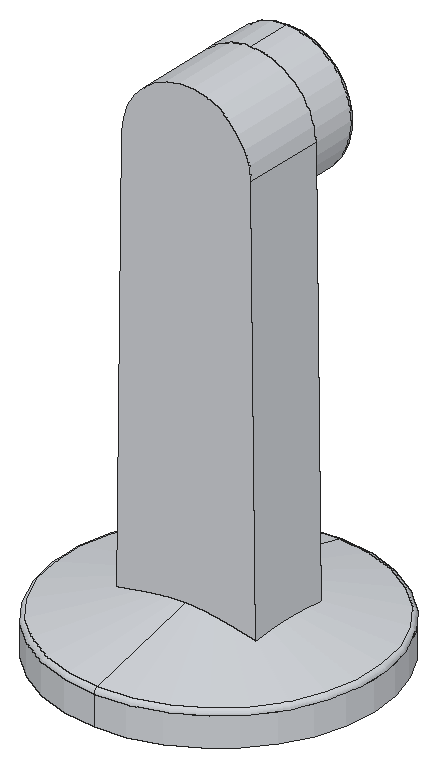
Revit family "Accessory-Robe_Hook-KOHLER-Components-K-78378", category Specialty Equipment, host Face, Revit 2015
Parameters (values of type "CP-Polished Chrome")
  Width = 2 3/8"  # constant formula
  URL = "https://www.us.kohler.com/us/"
  Type = 1
  Product Page URL = "http://www.us.kohler.com/us/catalog/productDetails.jsp?productNumber=78378"
  Product Name = "Components"  # constant formula
  Product Documentation Link = "http://www.us.kohler.com/onlinecatalog/pdf/K-78378_spec.pdf"
  Model = if(Type = 1, "K-78378-CP", if(Type = 2, "K-78378-BN", if(Type = 3, "K-78378-BL", if(Type = 4, "K-78378-TT", "NA"))))  # "K-78378-CP"
  Material = "Premium Metal Construction"  # constant formula
  MasterFormat 2004 = "10.28.13"  # constant formula
  MasterFormat 1995 = "10820"  # constant formula
  Manufacturer Address = "444 Highland Dr, Kohler, WI 53044"  # constant formula
  Manufacturer = "KOHLER Co."  # constant formula
  Length = 4"  # constant formula
  Height = 1"  # constant formula
  Finish = Kohler-Metal-CP-Polished_Chrome
  Environmental Product Declaration = ""
  Description = "Robe Hook"  # constant formula
  Default Elevation = 42"
  Declare Label = ""
  Date Modified = "07/10/2018"  # constant formula
  Date Created = "07/10/2018"  # constant formula
  Copyright = "Copyright KOHLER Co."  # constant formula
  Contact Us = "https://www.us.kohler.com/us/static/contact.jsp"
  Assembly Code = "C1030200"
  ADA Compliant = 1 = 0  # no
Types (4): name | Type | Model | Finish
  (no name) | 1 | "K-78378-CP" | Kohler-Metal-CP-Polished_Chrome
  CP-Polished Chrome | 1 | "K-78378-CP" | Kohler-Metal-CP-Polished_Chrome
  BL-Matte Black | 3 | "K-78378-BL" | Kohler-Metal-BL-Matte_Black
  TT-Titanium | 4 | "K-78378-TT" | Kohler-Metal-TT-Vibrant_Titanium
Reference planes (in)
  plane 1 "Center (Front/Back)": y = 0
  plane 2: z = 0
  plane 3 "Center (Left/Right)": x = 0
  plane 4: z = 4
  plane 5: x = 1.1875
  plane 6: x = -1.1875
  plane 7: y = 1
Dimensions and locks (in)
  "Length": plane 4 to level
  "Width": plane 5 to plane 6
  equal spacing: plane 6, plane 3 "Center (Left/Right)", plane 5
  "Height": plane 7 to plane 1 "Center (Front/Back)"
  aligned and locked: plane 2 to host face
  aligned and locked: level to host face
Automatic sketch dimensions
  host sketch curve to host sketch curve = 96"  (x2)
Nested families (in)
  nested 1: "K-78378" at (0, 4, 0) x (0, 1, 0) z (0, 0, 1), type "K-78378"
Definition of nested family "K-78378"
  Parameters (values of type "K-78378")
    Material = none
    Length = 8"
  Reference planes (in)
    plane 1 "Center (Front/Back)": y = 0
    plane 2: z = 0
    plane 3 "Center (Left/Right)": x = 0
    plane 4: x = -4
    plane 5: y = 1.1875
    plane 6: z = 4
    plane 7: y = -1.1875
    plane 8: x = -3
  Forms (in)
    Revolve 1, solid, material <- "Material", detail levels medium+fine
      sketch origin (0, 0, 0) x (1, 0, 0) y (0, 0, 1)
        loop
          line (-5.1875, 0) -> (-4, 0) -> (-4, 0.54137) -> (-5.15723, 0.26168)
          arc (-5.15723, 0.26168) -> (-5.17902, 0.24769) -> (-5.1875, 0.22322) r 0.03957
          line (-5.1875, 0.22322) -> (-5.1875, 0)
        axis (-4, 0.54137) -> (-4, 0)
      angle from 0 to 360
    Extrusion 2, solid, material <- "Material"
      sketch origin (0, 0, 0) x (0, 1, 0) y (0, 0, -1)
        loop
          line (0.49314, -3.51563) -> (0.53038, -0.31966) -> (-0.53038, -0.31966) -> (-0.49314, -3.51563)
          arc (-0.49314, -3.51563) -> (0, -4.00024) -> (0.49314, -3.51563) r 0.49321
      from 3.69094 to 4.30906
    Extrusion 3, solid, material <- "Material", detail levels coarse
      sketch origin (0, 0, 0) x (1, 0, 0) y (0, 1, 0)
        loop
          circle (-4, 0) r 1.1875
      from 0 to 0.44658
    Revolve 4, solid, material <- "Material"
      sketch origin (0, 0, 0) x (1, 0, 0) y (0, 0, 1)
        loop
          arc (-3.29802, 3.50679) -> (-3.30571, 3.74348) -> (-3.32875, 3.97917) r 3.64579
          arc (-3.32875, 3.97917) -> (-3.33678, 3.99422) -> (-3.35275, 4.00024) r 0.0242
          line (-3.35275, 4.00024) -> (-3.69094, 4.00024) -> (-3.69094, 3.50679) -> (-3.29802, 3.50679)
        axis (-3.29802, 3.50679) -> (-3.69094, 3.50679)
      angle from 0 to 360
  Lines and regions (in)
    Masking region 1
      outline origin (0, 0, 0) x (0, 1, 0) y (0, 0, 1)
        loop
          line (0.52873, 0.41382) -> (0.49313, 3.5163)
          arc (0.49313, 3.5163) -> (0, 4.00089) -> (-0.49313, 3.5163) r 0.4932
          line (-0.49313, 3.5163) -> (-0.52873, 0.41382) -> (-1.15899, 0.26168)
          arc (-1.15899, 0.26168) -> (-1.17952, 0.24851) -> (-1.1875, 0.22546) r 0.03726
          line (-1.1875, 0.22546) -> (-1.1875, 0) -> (1.1875, 0) -> (1.1875, 0.22546)
          arc (1.1875, 0.22546) -> (1.17952, 0.24851) -> (1.15899, 0.26168) r 0.03726
          line (1.15899, 0.26168) -> (0.52873, 0.41382)
    Masking region 2
      outline origin (0, 0, 0) x (1, 0, 0) y (0, 0, 1)
        loop
          line (-5.1875, 0) -> (-2.8125, 0) -> (-2.8125, 0.22322)
          arc (-2.8125, 0.22322) -> (-2.82098, 0.24769) -> (-2.84277, 0.26168) r 0.03957
          line (-2.84277, 0.26168) -> (-3.69094, 0.46667) -> (-3.69094, 3.01334) -> (-3.05473, 3.01334)
          arc (-3.05473, 3.01334) -> (-3.03876, 3.01935) -> (-3.03073, 3.0344) r 0.0242
          arc (-3.03073, 3.0344) -> (-3.00769, 3.2701) -> (-3, 3.50679) r 3.64579
          arc (-3, 3.50679) -> (-3.00769, 3.74348) -> (-3.03073, 3.97917) r 3.64579
          arc (-3.03073, 3.97917) -> (-3.03753, 3.99306) -> (-3.05135, 4) r 0.0242
          line (-3.05135, 4) -> (-4.30906, 4) -> (-4.30906, 0.46667) -> (-5.15723, 0.26168)
          arc (-5.15723, 0.26168) -> (-5.17902, 0.24769) -> (-5.1875, 0.22322) r 0.03957
          line (-5.1875, 0.22322) -> (-5.1875, 0)
    Masking region 3
      outline origin (0, 0, 0) x (1, 0, 0) y (0, 1, 0)
        loop
          circle (-4, 0) r 1.1875
    symbolic lines, detail levels medium+fine
      curve 1: arc (0, 0, 0.46667) -> (0, 0.26632, 0.44279) -> (0, 0.52909, 0.39328) r 2.76424
      curve 2: line (0, 0.52909, 0.39328) -> (0, 0.5284, 0.43278)
      curve 3: line (0, -0.52909, 0.39328) -> (0, -0.5284, 0.43278)
      curve 4: arc (0, -0.52909, 0.39328) -> (0, -0.26632, 0.44279) -> (0, 0, 0.46667) r 2.76424
      curve 5: line (-3.69094, 0, 3.01381) -> (-3.69094, 0, 3.51563)
      curve 6: line (-4.30906, 0, 0.46667) -> (-3.69094, 0, 0.46667)
      curve 7: line (-4.30906, 0.53038, 0) -> (-4.30906, -0.53038, 0)
      curve 8: line (-3.69094, -0.53038, 0) -> (-3.69094, 0.53038, 0)
      curve 9: line (-4.30906, 0.53038, 0) -> (-3.69094, 0.53038, 0)
      curve 10: line (-3.69094, -0.53038, 0) -> (-4.30906, -0.53038, 0)
      curve 11: line (-3.0586, 0.49314, 0) -> (-3.69094, 0.49314, 0)
      curve 12: line (-3.0581, -0.49321, 0) -> (-3.69094, -0.49321, 0)
      curve 13: arc (-3.03073, 0.47238, 0) -> (-3.00769, 0.23669, 0) -> (-3, 0, 0) r 3.64579
      curve 14: arc (-3.0586, 0.49314, 0) -> (-3.04027, 0.48866, 0) -> (-3.03073, 0.47238, 0) r 0.0242
      curve 15: arc (-3.03073, -0.47238, 0) -> (-3.00769, -0.23669, 0) -> (-3, 0, 0) r 3.64579
      curve 16: arc (-3.0581, -0.49321, 0) -> (-3.04007, -0.48851, 0) -> (-3.03073, -0.47238, 0) r 0.0242
      curve 17: circle (0, 0, 3.50702) r 0.49321 normal (-1, 0, 0)
  Dimensions and locks (in)
    plane 4 to plane 3 "Center (Left/Right)" = 4"
    locked: Revolve 1 sketch curve to plane 4 at 1.1875
    plane 6 to level = 4"
    equal spacing: Masking region 2 sketch curve, plane 4, Masking region 2 sketch curve
    locked: Masking region 2 sketch curve to Masking region 2 sketch curve at 2.375
    aligned and locked: plane 2 to level
    aligned and locked: Extrusion 3 sketch curve to Masking region 3
